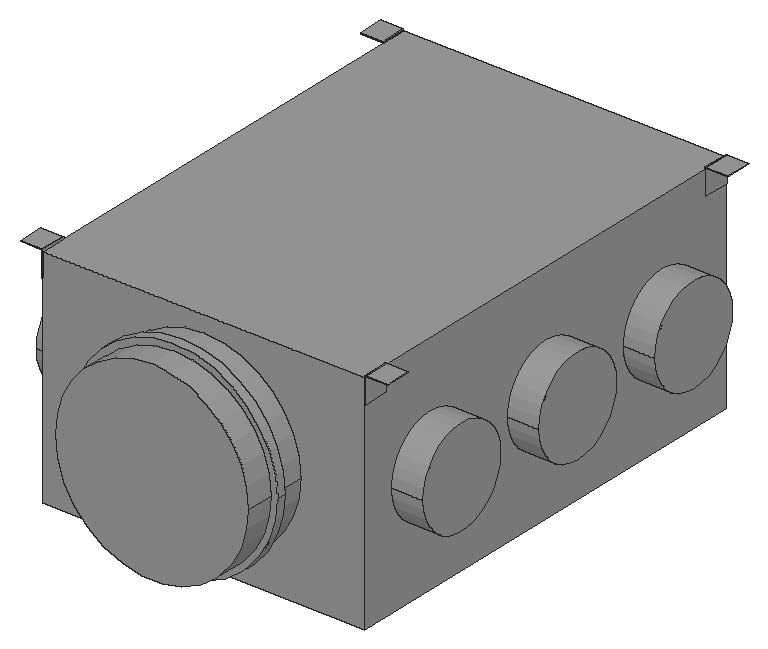
Revit family "FASU(F8-150 300Φ)", category ダクト付属品, Revit 2022
Family settings
  丸型コネクタ寸法 = 直径を使用
  パーツ タイプ = ダンパー
  OmniClass 番号 = 23.75.00.00
  OmniClass タイトル = Climate Control (HVAC)
  作業面ベース = いいえ
  常に垂直 = はい
  ロード時にボイドで切り取り = いいえ
  共有 = いいえ
Parameters
  高さ = 350 mm
  風量 = 0.0 L/s
  符号 = "FASU"
  形式 = "F8-150 300φ"
  幅 [instance] = 500 mm
  奥行き = 700 mm
  大きさ = 250 mm
  呼称 = "FASUチャンバー"
  付属品_下端レベル [instance] = 0 mm
  マテリアル [instance] = 既定値
  ダクト_イン = 300 mm
  ダクト_アウト = 150 mm
  既定の高さ = 0 mm
Reference planes
  plane 1 "中心(正面/背面)": y = 0
  plane 2: z = 0
  plane 3 "中心(左/右)": x = 0
  plane 4: x = -250
  plane 5: x = 250
  plane 6: y = -700
  plane 7: z = 350
  plane 8: z = 175
  plane 9: z = 266.963
  plane 10: z = 86.159
  plane 11: x = -251
  plane 12: z = 313.122
  plane 13: z = 352.122
  plane 14: y = -350
Forms (mm)
  Extrusion 1, solid, material "既定値" <- "マテリアル"
    sketch origin (0, 0, 0) x (1, 0, 0) y (0, 1, 0)
      loop
        line (-250, 0) -> (-250, -700) -> (250, -700) -> (250, 0) -> (-250, 0)
    from 0 to 350
  Extrusion 2, solid, material "既定値" <- "マテリアル"
    sketch origin (0, -30, 0) x (1, 0, 0) y (0, 1, 0)
      loop
        line (-250, 30) -> (-251, 30) -> (-251, -10) -> (-250, -10) -> (-250, 30)
    from 313.122 to 350
  Extrusion 3, solid, material "既定値" <- "マテリアル"
    sketch origin (0, -30, 0) x (1, 0, 0) y (0, 1, 0)
      loop
        line (-285, 30) -> (-285, -10) -> (-251, -10) -> (-251, 30) -> (-285, 30)
    from 352.122 to 350
  Extrusion 4, solid, material "既定値" <- "マテリアル"
    sketch origin (0, -30, 0) x (-1, 0, 0) y (0, -1, 0)
      loop
        line (-250, -30) -> (-250, 10) -> (-251, 10) -> (-251, -30) -> (-250, -30)
    from 313.122 to 353.122
  Extrusion 5, solid, material "既定値" <- "マテリアル"
    sketch origin (0, -30, 0) x (-1, 0, 0) y (0, -1, 0)
      loop
        line (-285, -30) -> (-251, -30) -> (-251, 10) -> (-285, 10) -> (-285, -30)
    from 352.122 to 353.122
  Extrusion 6, solid, material "既定値" <- "マテリアル"
    sketch origin (0, -490, 0) x (1, 0, 0) y (0, 1, 0)
      loop
        line (-285, -170) -> (-285, -210) -> (-251, -210) -> (-251, -170) -> (-285, -170)
    from 352.122 to 353.122
  Extrusion 7, solid, material "既定値" <- "マテリアル"
    sketch origin (0, -490, 0) x (1, 0, 0) y (0, 1, 0)
      loop
        line (-250, -170) -> (-251, -170) -> (-251, -210) -> (-250, -210) -> (-250, -170)
    from 313.122 to 353.122
  Extrusion 8, solid, material "既定値" <- "マテリアル"
    sketch origin (0, -490, 0) x (-1, 0, 0) y (0, -1, 0)
      loop
        line (-285, 170) -> (-251, 170) -> (-251, 210) -> (-285, 210) -> (-285, 170)
    from 352.122 to 353.122
  Extrusion 9, solid, material "既定値" <- "マテリアル"
    sketch origin (0, -490, 0) x (-1, 0, 0) y (0, -1, 0)
      loop
        line (-250, 170) -> (-250, 210) -> (-251, 210) -> (-251, 170) -> (-250, 170)
    from 313.122 to 353.122
  Extrusion 10, solid, material "既定値" <- "マテリアル"
    sketch origin (550, -582.5, 0) x (0, -1, 0) y (0, 0, -1)
      loop
        circle (-232.5, -175) r 74.985
    from -300 to -250
  Extrusion 11, solid, material "既定値" <- "マテリアル"
    sketch origin (-550, -582.5, 0) x (0, -1, 0) y (0, 0, 1)
      loop
        circle (-232.5, 175) r 74.985
    from -300 to -250
  Extrusion 12, solid, material "既定値" <- "マテリアル"
    sketch origin (0, -700, 0) x (1, 0, 0) y (0, 0, 1)
      loop
        circle (0, 175) r 150
    from 0 to 42.5
  Extrusion 13, solid, material "既定値" <- "マテリアル"
    sketch origin (0, -743, 0) x (1, 0, 0) y (0, 0, 1)
      loop
        circle (0, 175) r 160
    from -0.5 to 14.5
  Extrusion 14, solid, material "既定値" <- "マテリアル"
    sketch origin (0, -757.5, 0) x (1, 0, 0) y (0, 0, 1)
      loop
        circle (0, 175) r 150
    from 0 to 42.5
  Extrusion 15, solid, material "既定値" <- "マテリアル"
    sketch origin (550, -357.5, 0) x (0, -1, 0) y (0, 0, -1)
      loop
        circle (-232.5, -175) r 74.985
    from -300 to -250
  Extrusion 16, solid, material "既定値" <- "マテリアル"
    sketch origin (-550, -357.5, 0) x (0, -1, 0) y (0, 0, 1)
      loop
        circle (-232.5, 175) r 74.985
    from -300 to -250
  Extrusion 17, solid, material "既定値" <- "マテリアル"
    sketch origin (550, -142.5, 0) x (0, 1, 0) y (0, 0, 1)
      loop
        circle (-432.5, 175) r 74.985
    from -300 to -250
  Extrusion 18, solid, material "既定値" <- "マテリアル"
    sketch origin (0, -142.5, 0) x (0, 1, 0) y (0, 0, 1)
      loop
        circle (-432.5, 175) r 74.985
    from -300 to -250
  Extrusion 19, solid, material "既定値" <- "マテリアル"
    sketch origin (345.5, 300, 0) x (1, 0, 0) y (0, 0, -1)
      loop
        circle (-232.5, -175) r 74.985
    from -300 to -250
  Extrusion 20, solid, material "既定値" <- "マテリアル"
    sketch origin (-345.5, 300, 0) x (-1, 0, 0) y (0, 0, 1)
      loop
        circle (-232.5, 175) r 74.985
    from -300 to -250
Lines and regions (mm)
  model lines
    curve 1: line (-250, -30, 0) -> (250, -30, 0)
    curve 2: line (-250, -670, 0) -> (250, -670, 0)
Text (mm)
  text "FASU(F8-150 300Φ)" at (3.713, -630.412, 0), in view "参照レベル"
Dimensions and locks
  equal spacing: plane 4, plane 3 "中心(左/右)", plane 5
  "幅": plane 4 to plane 5
  "奥行き": plane 6 to plane 1 "中心(正面/背面)"
  "高さ": plane 7 to level
  equal spacing: plane 7, plane 8, level
  equal spacing: plane 6, plane 14, plane 1 "中心(正面/背面)"
  aligned and locked: level to plane 2
  aligned and locked: Extrusion 1 sketch curve to plane 5
  aligned and locked: plane 7 to Extrusion 1
  aligned and locked: Extrusion 2 sketch curve to Extrusion 1
  aligned and locked: plane 7 to Extrusion 2
  aligned and locked: Extrusion 3 sketch curve to Extrusion 2
  aligned and locked: Extrusion 2 to Extrusion 3 sketch curve
  aligned and locked: plane 7 to Extrusion 3
  aligned and locked: Extrusion 3 to plane 13
  aligned and locked: Extrusion 4 to Extrusion 5 sketch curve
  aligned and locked: Extrusion 5 sketch curve to Extrusion 4
  aligned and locked: Extrusion 1 to Extrusion 8
  aligned and locked: Extrusion 6 to Extrusion 1
  aligned and locked: Extrusion 7 to Extrusion 1
  aligned and locked: Extrusion 1 to Extrusion 9
  aligned and locked: Extrusion 9 to Extrusion 8
  aligned and locked: Extrusion 7 to Extrusion 6
  aligned and locked: plane 4 to Extrusion 7
  aligned and locked: Extrusion 9 to plane 5
  aligned and locked: plane 4 to curve 1
  aligned and locked: plane 5 to curve 1
  aligned and locked: plane 5 to curve 2
  aligned and locked: Extrusion 1 to Extrusion 3
  aligned and locked: Extrusion 5 to Extrusion 1
  aligned and locked: Extrusion 4 to plane 5
  aligned and locked: Extrusion 1 to plane 6
  aligned and locked: Extrusion 1 to plane 1 "中心(正面/背面)"
  aligned and locked: plane 6 to Extrusion 12
  aligned and locked: Extrusion 15 to plane 5
  aligned and locked: plane 4 to Extrusion 16
  aligned and locked: Extrusion 17 to plane 5
  aligned and locked: plane 4 to Extrusion 18
  aligned and locked: plane 1 "中心(正面/背面)" to Extrusion 19
  aligned and locked: plane 1 "中心(正面/背面)" to Extrusion 20
Automatic sketch dimensions
  curve 2 to plane 4 = 0 mm
  plane 6 to curve 2 = 30 mm
  plane 1 "中心(正面/背面)" to curve 1 = 30 mm
  Extrusion 1 sketch curve to plane 4 = 0 mm
  Extrusion 1 sketch curve to plane 6 = 0 mm
  plane 1 "中心(正面/背面)" to Extrusion 1 sketch curve = 0 mm
  plane 1 "中心(正面/背面)" to Extrusion 2 sketch curve = 0 mm
  Extrusion 2 sketch curve to plane 11 = 0 mm
  Extrusion 2 sketch curve to Extrusion 2 sketch curve = 40 mm
  plane 1 "中心(正面/背面)" to Extrusion 3 sketch curve = 0 mm
  Extrusion 3 sketch curve to Extrusion 3 sketch curve = 34 mm
  plane 1 "中心(正面/背面)" to Extrusion 4 sketch curve = 0 mm
  Extrusion 4 sketch curve to plane 5 = 0 mm
  Extrusion 4 sketch curve to Extrusion 4 sketch curve = 1 mm
  Extrusion 4 sketch curve to Extrusion 4 sketch curve = 40 mm
  plane 1 "中心(正面/背面)" to Extrusion 5 sketch curve = 0 mm
  Extrusion 5 sketch curve to Extrusion 5 sketch curve = 34 mm
  Extrusion 6 sketch curve to plane 6 = 0 mm
  Extrusion 6 sketch curve to plane 11 = 0 mm
  Extrusion 6 sketch curve to plane 11 = 34 mm
  plane 6 to Extrusion 6 sketch curve = 40 mm
  Extrusion 7 sketch curve to plane 11 = 0 mm
  Extrusion 7 sketch curve to plane 4 = 0 mm
  Extrusion 7 sketch curve to plane 6 = 0 mm
  plane 6 to Extrusion 7 sketch curve = 40 mm
  Extrusion 8 sketch curve to plane 6 = 0 mm
  Extrusion 8 sketch curve to plane 5 = 35 mm
  Extrusion 8 sketch curve to plane 5 = 1 mm
  Extrusion 8 sketch curve to Extrusion 8 sketch curve = 40 mm
  Extrusion 9 sketch curve to plane 6 = 0 mm
  Extrusion 9 sketch curve to plane 5 = 0 mm
  Extrusion 9 sketch curve to Extrusion 9 sketch curve = 1 mm
  Extrusion 9 sketch curve to Extrusion 9 sketch curve = 40 mm
  Extrusion 10 sketch curve to plane 8 = 0 mm
  Extrusion 10 sketch curve to plane 14 = 0 mm
  Extrusion 11 sketch curve to plane 8 = 0 mm
  Extrusion 11 sketch curve to plane 14 = 0 mm
  Extrusion 12 sketch curve to plane 3 "中心(左/右)" = 0 mm
  Extrusion 12 sketch curve to plane 8 = 0 mm
  Extrusion 13 sketch curve to plane 3 "中心(左/右)" = 0 mm
  Extrusion 13 sketch curve to plane 8 = 0 mm
  Extrusion 14 sketch curve to plane 3 "中心(左/右)" = 0 mm
  Extrusion 14 sketch curve to plane 8 = 0 mm
  Extrusion 15 sketch curve to plane 8 = 0 mm
  plane 1 "中心(正面/背面)" to Extrusion 15 sketch curve = 125 mm
  Extrusion 16 sketch curve to plane 8 = 0 mm
  plane 1 "中心(正面/背面)" to Extrusion 16 sketch curve = 125 mm
  Extrusion 17 sketch curve to plane 8 = 0 mm
  plane 6 to Extrusion 17 sketch curve = 125 mm
  Extrusion 18 sketch curve to plane 8 = 0 mm
  plane 6 to Extrusion 18 sketch curve = 125 mm
  Extrusion 19 sketch curve to plane 8 = 0 mm
  plane 3 "中心(左/右)" to Extrusion 19 sketch curve = 113 mm
  Extrusion 20 sketch curve to plane 8 = 0 mm
  Extrusion 20 sketch curve to plane 3 "中心(左/右)" = 113 mm
  radius of Extrusion 10 sketch curve = 74.985 mm
  radius of Extrusion 11 sketch curve = 74.985 mm
  radius of Extrusion 12 sketch curve = 150 mm
  radius of Extrusion 13 sketch curve = 160 mm
  radius of Extrusion 14 sketch curve = 150 mm
  radius of Extrusion 15 sketch curve = 74.985 mm
  radius of Extrusion 16 sketch curve = 74.985 mm
  radius of Extrusion 17 sketch curve = 74.985 mm
  radius of Extrusion 18 sketch curve = 74.985 mm
  radius of Extrusion 19 sketch curve = 74.985 mm
  radius of Extrusion 20 sketch curve = 74.985 mm
Connectors
  hvac at (-300, -575, 175), driven by "ダクト_アウト"
    settings: on Extrusion 18, index 1, duct flow 0.0 L/s, flow factor 0, pres drop 0.0 Pa, loss coef 0, conn angle 0.00°, conn width 304.8 mm, conn height 304.8 mm, conn diameter 150 mm, duct sys type 29, conn prof type 0, flow config 0, flow direction 2, loss method 0, conn ref index -1, conn util no, is conn primary yes, conn desc ""
  hvac at (-300, -350, 175), driven by "ダクト_アウト"
    settings: on Extrusion 11, index 2, duct flow 0.0 L/s, flow factor 0, pres drop 0.0 Pa, loss coef 0, conn angle 0.00°, conn width 304.8 mm, conn height 304.8 mm, conn diameter 150 mm, duct sys type 29, conn prof type 0, flow config 0, flow direction 2, loss method 0, conn ref index -1, conn util no, is conn primary no, conn desc ""
  hvac at (-300, -125, 175), driven by "ダクト_アウト"
    settings: on Extrusion 16, index 3, duct flow 0.0 L/s, flow factor 0, pres drop 0.0 Pa, loss coef 0, conn angle 0.00°, conn width 304.8 mm, conn height 304.8 mm, conn diameter 150 mm, duct sys type 29, conn prof type 0, flow config 0, flow direction 2, loss method 0, conn ref index -1, conn util no, is conn primary no, conn desc ""
  hvac at (-113, 50, 175), driven by "ダクト_アウト"
    settings: on Extrusion 20, index 4, duct flow 0.0 L/s, flow factor 0, pres drop 0.0 Pa, loss coef 0, conn angle 0.00°, conn width 304.8 mm, conn height 304.8 mm, conn diameter 150 mm, duct sys type 29, conn prof type 0, flow config 0, flow direction 2, loss method 0, conn ref index -1, conn util no, is conn primary no, conn desc ""
  hvac at (113, 50, 175), driven by "ダクト_アウト"
    settings: on Extrusion 19, index 5, duct flow 0.0 L/s, flow factor 0, pres drop 0.0 Pa, loss coef 0, conn angle 0.00°, conn width 304.8 mm, conn height 304.8 mm, conn diameter 150 mm, duct sys type 29, conn prof type 0, flow config 0, flow direction 2, loss method 0, conn ref index -1, conn util no, is conn primary no, conn desc ""
  hvac at (300, -125, 175), driven by "ダクト_アウト"
    settings: on Extrusion 15, index 6, duct flow 0.0 L/s, flow factor 0, pres drop 0.0 Pa, loss coef 0, conn angle 0.00°, conn width 304.8 mm, conn height 304.8 mm, conn diameter 150 mm, duct sys type 29, conn prof type 0, flow config 0, flow direction 2, loss method 0, conn ref index -1, conn util no, is conn primary no, conn desc ""
  hvac at (300, -350, 175), driven by "ダクト_アウト"
    settings: on Extrusion 10, index 7, duct flow 0.0 L/s, flow factor 0, pres drop 0.0 Pa, loss coef 0, conn angle 0.00°, conn width 304.8 mm, conn height 304.8 mm, conn diameter 150 mm, duct sys type 29, conn prof type 0, flow config 0, flow direction 2, loss method 0, conn ref index -1, conn util no, is conn primary no, conn desc ""
  hvac at (300, -575, 175), driven by "ダクト_アウト"
    settings: on Extrusion 17, index 8, duct flow 0.0 L/s, flow factor 0, pres drop 0.0 Pa, loss coef 0, conn angle 0.00°, conn width 304.8 mm, conn height 304.8 mm, conn diameter 150 mm, duct sys type 29, conn prof type 0, flow config 0, flow direction 2, loss method 0, conn ref index -1, conn util no, is conn primary no, conn desc ""
  hvac at (0, -800, 175), driven by "ダクト_イン"
    settings: on Extrusion 14, index 9, duct flow 0.0 L/s, flow factor 0, pres drop 0.0 Pa, loss coef 0, conn angle 0.00°, conn width 304.8 mm, conn height 304.8 mm, conn diameter 300 mm, duct sys type 1, conn prof type 0, flow config 0, flow direction 1, loss method 0, conn ref index -1, conn util no, is conn primary no, conn desc ""
